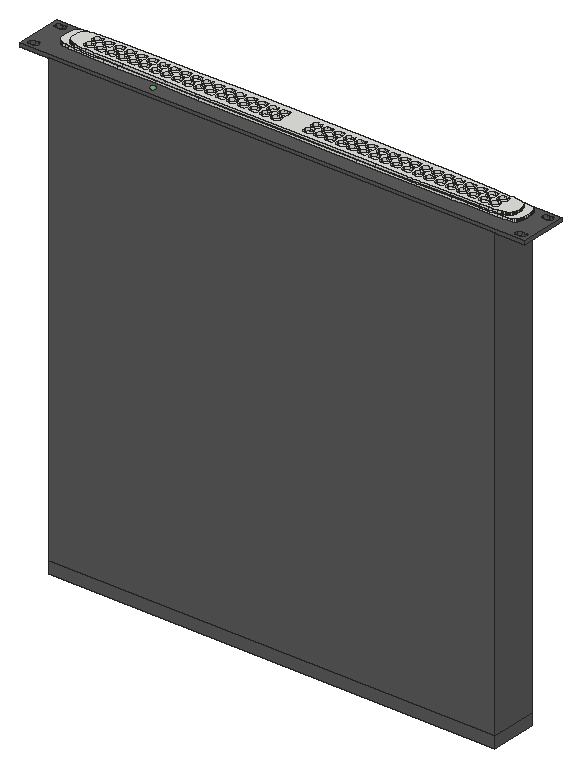
Revit family "Electronics_Messaging-Processors_Biamp_Vocia_Text-to-Speech-Engine_TTS-1__", category Communication Devices, host Face, Revit 2020
Family settings
  Host = Face
  Maintain Annotation Orientation = No
  Round Connector Dimension = Use Diameter
  Part Type = Normal
  OmniClass Number = 23.85.10.11.11
  OmniClass Title = Sound and Signal Devices
  Cut with Voids When Loaded = No
  Shared = No
  Room Calculation Point = No
Parameters (values of type "TTS-1e")
  Width = 19.00"  # constant formula
  Weight = 12.00 lbf  # constant formula
  Voltage = 120 V
  URL = "https://www.biamp.com/"
  Temperature Range = "32 - 113° F (0 – 45° C)"  # constant formula
  Product data url = "https://www.bimobject.com/biamp/product/vocia-tts-1e_messaging-processor"
  Product Page URL = "https://www.biamp.com/products/product-families/vocia/vocia-messaging-processors#vocia-tts-1e"
  Product Documentation Link = "https://downloads.biamp.com/assets/docs/default-source/data-sheets/biamp_data_sheet_vocia_tts-1e_may21.pdf"
  Power Factor = 1
  Number of Poles = 1
  Network Connection = "RJ-45 with shielded Ethernet (CAT5, CAT5e, CAT6, or CAT7)"  # constant formula
  Model = "Vocia TTS-1e"
  Max Power Consumption = 300 W
  Manufacturer = "Biamp"  # constant formula
  Humidity = "5-95% non-condensing"  # constant formula
  Housing Material = Biamp - Metal - Black
  Height = 1.75"  # constant formula
  Description = "Vocia® TTS-1e Text-to-Speech Engine"
  Depth = 17.50"  # constant formula
  Default Elevation = 48.00"
  Connector Description = "100-240VAC 50/60Hz"  # constant formula
  Compliance = "FCC Part 15 Class A (USA), CE marked (Europe), UL listed (USA and Canada), RoHS Directive (Europe)"  # constant formula
  Assembly Code = ""
  Apparent Load = Max Power Consumption / Power Factor  # 300 VA
  Altitude = "0-10,000 f (0-3000m) MSL"  # constant formula
Reference planes (in)
  plane 1 "Center (Front/Back)": y = 0
  plane 2: z = 0
  plane 3 "Center (Left/Right)": x = 0
  plane 4: x = 18.34522
  plane 5: y = 0.62461
  plane 6: y = -0.62494
Forms (in)
  Extrusion 1, solid, material "Biamp - Metal - Black" <- "Housing Material"
    sketch origin (9.17118, -0.875, -8.63189) x (1, 0, 0) y (0, 0, -1)
      loop
        line (-8.40333, 8.33661) -> (-8.40333, -8.63189) -> (8.38801, -8.63189) -> (8.38801, 8.33661) -> (-8.40333, 8.33661)
    from 0 to 1.75
  Extrusion 2, solid, material "Biamp - Metal - Black" <- "Housing Material"
    sketch origin (9.17118, -0.875, -8.63189) x (1, 0, 0) y (0, 1, 0)
      loop
        line (-9.5, 1.75) -> (-9.5, 0) -> (9.5, 0) -> (9.5, 1.75) -> (-9.5, 1.75)
      loop
        arc (-9.24055, 1.6309) -> (-9.32188, 1.60351) -> (-9.37008, 1.5325) r 0.13446
        line (-9.37008, 1.5325) -> (-9.37008, 1.46673)
        arc (-9.37008, 1.46673) -> (-9.32188, 1.39572) -> (-9.24055, 1.36833) r 0.13446
        line (-9.24055, 1.36833) -> (-9.10181, 1.36833)
        arc (-9.10181, 1.36833) -> (-9.01886, 1.39742) -> (-8.97227, 1.47196) r 0.13277
        line (-8.97227, 1.47196) -> (-8.97227, 1.52727)
        arc (-8.97227, 1.52727) -> (-9.01886, 1.60181) -> (-9.10181, 1.6309) r 0.13277
        line (-9.10181, 1.6309) -> (-9.24055, 1.6309)
      loop
        arc (-9.24055, 0.38134) -> (-9.32188, 0.35395) -> (-9.37008, 0.28294) r 0.13446
        line (-9.37008, 0.28294) -> (-9.37008, 0.21717)
        arc (-9.37008, 0.21717) -> (-9.32188, 0.14616) -> (-9.24055, 0.11877) r 0.13446
        line (-9.24055, 0.11877) -> (-9.10181, 0.11877)
        arc (-9.10181, 0.11877) -> (-9.01886, 0.14786) -> (-8.97227, 0.2224) r 0.13277
        line (-8.97227, 0.2224) -> (-8.97227, 0.27771)
        arc (-8.97227, 0.27771) -> (-9.01886, 0.35225) -> (-9.10181, 0.38134) r 0.13277
        line (-9.10181, 0.38134) -> (-9.24055, 0.38134)
      loop
        arc (9.10467, 1.6309) -> (9.02334, 1.60351) -> (8.97514, 1.5325) r 0.13446
        line (8.97514, 1.5325) -> (8.97514, 1.46673)
        arc (8.97514, 1.46673) -> (9.02334, 1.39572) -> (9.10467, 1.36833) r 0.13446
        line (9.10467, 1.36833) -> (9.24341, 1.36833)
        arc (9.24341, 1.36833) -> (9.32636, 1.39742) -> (9.37295, 1.47196) r 0.13277
        line (9.37295, 1.47196) -> (9.37295, 1.52727)
        arc (9.37295, 1.52727) -> (9.32636, 1.60181) -> (9.24341, 1.6309) r 0.13277
        line (9.24341, 1.6309) -> (9.10467, 1.6309)
      loop
        arc (9.10467, 0.38134) -> (9.02334, 0.35395) -> (8.97514, 0.28294) r 0.13446
        line (8.97514, 0.28294) -> (8.97514, 0.21717)
        arc (8.97514, 0.21717) -> (9.02334, 0.14616) -> (9.10467, 0.11877) r 0.13446
        line (9.10467, 0.11877) -> (9.24341, 0.11877)
        arc (9.24341, 0.11877) -> (9.32636, 0.14786) -> (9.37295, 0.2224) r 0.13277
        line (9.37295, 0.2224) -> (9.37295, 0.27771)
        arc (9.37295, 0.27771) -> (9.32636, 0.35225) -> (9.24341, 0.38134) r 0.13277
        line (9.24341, 0.38134) -> (9.10467, 0.38134)
    from 8.63189 to 8.75
  Extrusion 3, solid, material "Biamp - Metal - Silver", detail levels medium+fine
    sketch origin (9.17118, -0.875, -8.63189) x (1, 0, 0) y (0, 1, 0)
      loop
        line (-8.32517, 1.6716) -> (-8.42659, 1.65719) -> (-8.46282, 1.65)
        arc (-8.46282, 1.65) -> (-8.51245, 1.63391) -> (-8.55699, 1.60672) r 0.22266
        line (-8.55699, 1.60672) -> (-8.58454, 1.58077) -> (-8.60916, 1.5505) -> (-8.62943, 1.52022) -> (-8.64682, 1.48564) -> (-8.65986, 1.45102) -> (-8.67146, 1.41353) -> (-8.68017, 1.37605) -> (-8.6874, 1.33568) -> (-8.69465, 1.2535) -> (-8.69609, 1.17132) -> (-8.69465, 1.08769) -> (-8.6874, 1.00549) -> (-8.68017, 0.96657) -> (-8.67146, 0.92764) -> (-8.65986, 0.89015) -> (-8.64682, 0.85555) -> (-8.62943, 0.82096) -> (-8.60916, 0.79066) -> (-8.58454, 0.7604) -> (-8.55699, 0.73444)
        arc (-8.55699, 0.73444) -> (-8.51345, 0.7051) -> (-8.46282, 0.69119) r 0.16224
        line (-8.46282, 0.69119) -> (-8.42659, 0.68399) -> (-8.32517, 0.67101) -> (-8.17446, 0.65803) -> (-7.96292, 0.64648) -> (-7.68036, 0.63639) -> (-7.31522, 0.62775) -> (-6.85445, 0.62054) -> (-6.28647, 0.61479) -> (-4.88461, 0.60613) -> (-3.23239, 0.60036) -> (-0.00084, 0.60036) -> (2.72034, 0.60036) -> (4.78368, 0.60613) -> (6.28336, 0.61479) -> (6.85136, 0.62054) -> (7.31211, 0.62775) -> (7.67726, 0.63639) -> (7.95984, 0.64648) -> (8.17138, 0.65803) -> (8.32207, 0.67101) -> (8.42349, 0.68399) -> (8.45971, 0.69119)
        arc (8.45971, 0.69119) -> (8.51035, 0.70508) -> (8.55389, 0.73444) r 0.16206
        line (8.55389, 0.73444) -> (8.58143, 0.7604) -> (8.60606, 0.79066) -> (8.62635, 0.82096) -> (8.64374, 0.85555) -> (8.65678, 0.89015) -> (8.66837, 0.92764) -> (8.67705, 0.96657) -> (8.68432, 1.00549) -> (8.69151, 1.08769) -> (8.69297, 1.17132) -> (8.69151, 1.2535) -> (8.68432, 1.33568) -> (8.67705, 1.37605) -> (8.66837, 1.41353) -> (8.65678, 1.45102) -> (8.64374, 1.48564) -> (8.62635, 1.52022) -> (8.60606, 1.5505) -> (8.58143, 1.58077) -> (8.55389, 1.60672)
        arc (8.55389, 1.60672) -> (8.50935, 1.63391) -> (8.45971, 1.65) r 0.22277
        line (8.45971, 1.65) -> (8.42349, 1.65719) -> (8.32207, 1.6716) -> (8.17138, 1.68312) -> (7.95984, 1.69468) -> (7.67726, 1.70477) -> (7.31211, 1.71342) -> (6.85136, 1.72064) -> (6.28336, 1.7264) -> (4.78368, 1.73504) -> (2.72034, 1.74226) -> (-0.00084, 1.74226) -> (-2.82128, 1.74226) -> (-4.88461, 1.73504) -> (-6.3843, 1.7264) -> (-6.95228, 1.72064) -> (-7.41306, 1.71342) -> (-7.7782, 1.70477) -> (-7.96292, 1.69468) -> (-8.17446, 1.68312) -> (-8.32517, 1.6716)
    from 8.75 to 8.82874
  Extrusion 4, solid, material "Biamp - Metal - Silver", detail levels medium+fine
    sketch origin (9.17118, -0.875, -8.32128) x (1, 0, 0) y (0, 1, 0)
      loop
        line (-8.37477, 1.08769) -> (-8.36541, 1.03461) -> (-8.35774, 1.0014) -> (-8.34837, 0.97075) -> (-8.3336, 0.93017) -> (-8.31918, 0.89924) -> (-8.3023, 0.87202) -> (-8.28075, 0.84723) -> (-8.25666, 0.82702) -> (-8.22822, 0.80855) -> (-8.19232, 0.79181) -> (-8.15482, 0.77741) -> (-8.11776, 0.76678) -> (-8.07375, 0.75662) -> (-8.02802, 0.74773) -> (-7.91451, 0.73178) -> (-7.7246, 0.71516) -> (-7.58628, 0.70899) -> (-7.26661, 0.69863) -> (-6.17634, 0.6734) -> (-4.575, 0.65767) -> (-3.39395, 0.64607) -> (0, 0.64607) -> (3.39395, 0.64607) -> (4.575, 0.65767) -> (6.17634, 0.6734) -> (7.26661, 0.69863) -> (7.58628, 0.70899) -> (7.7246, 0.71516) -> (7.91451, 0.73178) -> (8.02802, 0.74773) -> (8.07375, 0.75662) -> (8.11776, 0.76678) -> (8.15482, 0.77741) -> (8.19232, 0.79181) -> (8.22822, 0.80855) -> (8.25666, 0.82702) -> (8.28075, 0.84723) -> (8.3023, 0.87202) -> (8.31918, 0.89924) -> (8.3336, 0.93017) -> (8.34837, 0.97075) -> (8.35774, 1.0014) -> (8.36541, 1.03461) -> (8.37477, 1.08769) -> (8.37621, 1.17132) -> (8.37621, 1.20434) -> (8.37142, 1.25866) -> (8.36419, 1.30432) -> (8.3573, 1.33845) -> (8.33983, 1.40854) -> (8.32782, 1.44086) -> (8.31075, 1.47043) -> (8.28941, 1.49666) -> (8.26308, 1.52146) -> (8.23282, 1.54187) -> (8.19518, 1.56105) -> (8.15208, 1.57846) -> (8.09238, 1.59558) -> (8.05641, 1.60272) -> (7.99322, 1.61333) -> (7.92028, 1.62228) -> (7.7892, 1.6321) -> (7.61374, 1.63724) -> (7.10391, 1.65182) -> (5.71472, 1.68237) -> (5.4482, 1.68644) -> (4.98689, 1.69175) -> (4.74694, 1.69418) -> (4.30342, 1.6963) -> (2.60067, 1.70444) -> (0, 1.70444) -> (-2.60067, 1.70444) -> (-4.30342, 1.6963) -> (-4.74694, 1.69418) -> (-4.98689, 1.69175) -> (-5.4482, 1.68644) -> (-5.71472, 1.68237) -> (-7.10391, 1.65182) -> (-7.61374, 1.63724) -> (-7.7892, 1.6321) -> (-7.92028, 1.62228) -> (-7.99322, 1.61333) -> (-8.05641, 1.60272) -> (-8.09238, 1.59558) -> (-8.15208, 1.57846) -> (-8.19518, 1.56105) -> (-8.23282, 1.54187) -> (-8.26308, 1.52146) -> (-8.28941, 1.49666) -> (-8.31075, 1.47043) -> (-8.32782, 1.44086) -> (-8.33983, 1.40854) -> (-8.3573, 1.33845) -> (-8.36419, 1.30432) -> (-8.37142, 1.25866) -> (-8.37621, 1.20434) -> (-8.37621, 1.17132) -> (-8.37477, 1.08769)
      loop
        line (-7.82143, 1.37615) -> (-7.82143, 1.32966)
        arc (-7.82143, 1.32966) -> (-7.78222, 1.23501) -> (-7.68757, 1.1958) r 0.13386
        line (-7.68757, 1.1958) -> (-7.59423, 1.1958)
        arc (-7.59423, 1.1958) -> (-7.49956, 1.23502) -> (-7.46034, 1.3297) r 0.1339
        line (-7.46034, 1.3297) -> (-7.46034, 1.37611)
        arc (-7.46034, 1.37611) -> (-7.49956, 1.47079) -> (-7.59423, 1.51001) r 0.1339
        line (-7.59423, 1.51001) -> (-7.68757, 1.51001)
        arc (-7.68757, 1.51001) -> (-7.78222, 1.4708) -> (-7.82143, 1.37615) r 0.13386
      loop
        line (-7.82143, 1.0006) -> (-7.82143, 0.95411)
        arc (-7.82143, 0.95411) -> (-7.78222, 0.85946) -> (-7.68757, 0.82025) r 0.13386
        line (-7.68757, 0.82025) -> (-7.59423, 0.82025)
        arc (-7.59423, 0.82025) -> (-7.49956, 0.85947) -> (-7.46034, 0.95415) r 0.1339
        line (-7.46034, 0.95415) -> (-7.46034, 1.00056)
        arc (-7.46034, 1.00056) -> (-7.49956, 1.09524) -> (-7.59423, 1.13446) r 0.1339
        line (-7.59423, 1.13446) -> (-7.68757, 1.13446)
        arc (-7.68757, 1.13446) -> (-7.78222, 1.09525) -> (-7.82143, 1.0006) r 0.13386
      loop
        line (0.42289, 1.37615) -> (0.42289, 1.32966)
        arc (0.42289, 1.32966) -> (0.46209, 1.23501) -> (0.55675, 1.1958) r 0.13386
        line (0.55675, 1.1958) -> (0.65008, 1.1958)
        arc (0.65008, 1.1958) -> (0.74476, 1.23502) -> (0.78398, 1.3297) r 0.1339
        line (0.78398, 1.3297) -> (0.78398, 1.37611)
        arc (0.78398, 1.37611) -> (0.74476, 1.47079) -> (0.65008, 1.51001) r 0.1339
        line (0.65008, 1.51001) -> (0.55675, 1.51001)
        arc (0.55675, 1.51001) -> (0.46209, 1.4708) -> (0.42289, 1.37615) r 0.13386
      loop
        line (0.42289, 1.0006) -> (0.42289, 0.95411)
        arc (0.42289, 0.95411) -> (0.46209, 0.85946) -> (0.55675, 0.82025) r 0.13386
        line (0.55675, 0.82025) -> (0.65008, 0.82025)
        arc (0.65008, 0.82025) -> (0.74476, 0.85947) -> (0.78398, 0.95415) r 0.1339
        line (0.78398, 0.95415) -> (0.78398, 1.00056)
        arc (0.78398, 1.00056) -> (0.74476, 1.09524) -> (0.65008, 1.13446) r 0.1339
        line (0.65008, 1.13446) -> (0.55675, 1.13446)
        arc (0.55675, 1.13446) -> (0.46209, 1.09525) -> (0.42289, 1.0006) r 0.13386
      loop
        line (-7.41441, 1.37615) -> (-7.41441, 1.32966)
        arc (-7.41441, 1.32966) -> (-7.37521, 1.23501) -> (-7.28055, 1.1958) r 0.13386
        line (-7.28055, 1.1958) -> (-7.18722, 1.1958)
        arc (-7.18722, 1.1958) -> (-7.09254, 1.23502) -> (-7.05332, 1.3297) r 0.1339
        line (-7.05332, 1.3297) -> (-7.05332, 1.37611)
        arc (-7.05332, 1.37611) -> (-7.09254, 1.47079) -> (-7.18722, 1.51001) r 0.1339
        line (-7.18722, 1.51001) -> (-7.28055, 1.51001)
        arc (-7.28055, 1.51001) -> (-7.37521, 1.4708) -> (-7.41441, 1.37615) r 0.13386
      loop
        line (-7.40518, 1.0006) -> (-7.40518, 0.95411)
        arc (-7.40518, 0.95411) -> (-7.36598, 0.85946) -> (-7.27133, 0.82025) r 0.13386
        line (-7.27133, 0.82025) -> (-7.17799, 0.82025)
        arc (-7.17799, 0.82025) -> (-7.08331, 0.85947) -> (-7.0441, 0.95415) r 0.1339
        line (-7.0441, 0.95415) -> (-7.0441, 1.00056)
        arc (-7.0441, 1.00056) -> (-7.08331, 1.09524) -> (-7.17799, 1.13446) r 0.1339
        line (-7.17799, 1.13446) -> (-7.27133, 1.13446)
        arc (-7.27133, 1.13446) -> (-7.36598, 1.09525) -> (-7.40518, 1.0006) r 0.13386
      loop
        line (-7.00117, 1.37615) -> (-7.00117, 1.32966)
        arc (-7.00117, 1.32966) -> (-6.96197, 1.23501) -> (-6.86731, 1.1958) r 0.13386
        line (-6.86731, 1.1958) -> (-6.77398, 1.1958)
        arc (-6.77398, 1.1958) -> (-6.6793, 1.23502) -> (-6.64008, 1.3297) r 0.1339
        line (-6.64008, 1.3297) -> (-6.64008, 1.37611)
        arc (-6.64008, 1.37611) -> (-6.6793, 1.47079) -> (-6.77398, 1.51001) r 0.1339
        line (-6.77398, 1.51001) -> (-6.86731, 1.51001)
        arc (-6.86731, 1.51001) -> (-6.96197, 1.4708) -> (-7.00117, 1.37615) r 0.13386
      loop
        line (-6.99195, 1.0006) -> (-6.99195, 0.95411)
        arc (-6.99195, 0.95411) -> (-6.95274, 0.85946) -> (-6.85809, 0.82025) r 0.13386
        line (-6.85809, 0.82025) -> (-6.76475, 0.82025)
        arc (-6.76475, 0.82025) -> (-6.67007, 0.85947) -> (-6.63086, 0.95415) r 0.1339
        line (-6.63086, 0.95415) -> (-6.63086, 1.00056)
        arc (-6.63086, 1.00056) -> (-6.67007, 1.09524) -> (-6.76475, 1.13446) r 0.1339
        line (-6.76475, 1.13446) -> (-6.85809, 1.13446)
        arc (-6.85809, 1.13446) -> (-6.95274, 1.09525) -> (-6.99195, 1.0006) r 0.13386
      loop
        line (-6.58481, 1.37615) -> (-6.58481, 1.32966)
        arc (-6.58481, 1.32966) -> (-6.5456, 1.23501) -> (-6.45095, 1.1958) r 0.13386
        line (-6.45095, 1.1958) -> (-6.35762, 1.1958)
        arc (-6.35762, 1.1958) -> (-6.26294, 1.23502) -> (-6.22372, 1.3297) r 0.1339
        line (-6.22372, 1.3297) -> (-6.22372, 1.37611)
        arc (-6.22372, 1.37611) -> (-6.26294, 1.47079) -> (-6.35762, 1.51001) r 0.1339
        line (-6.35762, 1.51001) -> (-6.45095, 1.51001)
        arc (-6.45095, 1.51001) -> (-6.5456, 1.4708) -> (-6.58481, 1.37615) r 0.13386
      loop
        line (-6.57558, 1.0006) -> (-6.57558, 0.95411)
        arc (-6.57558, 0.95411) -> (-6.53638, 0.85946) -> (-6.44172, 0.82025) r 0.13386
        line (-6.44172, 0.82025) -> (-6.34839, 0.82025)
        arc (-6.34839, 0.82025) -> (-6.25371, 0.85947) -> (-6.21449, 0.95415) r 0.1339
        line (-6.21449, 0.95415) -> (-6.21449, 1.00056)
        arc (-6.21449, 1.00056) -> (-6.25371, 1.09524) -> (-6.34839, 1.13446) r 0.1339
        line (-6.34839, 1.13446) -> (-6.44172, 1.13446)
        arc (-6.44172, 1.13446) -> (-6.53638, 1.09525) -> (-6.57558, 1.0006) r 0.13386
      loop
        line (-6.17217, 1.37615) -> (-6.17217, 1.32966)
        arc (-6.17217, 1.32966) -> (-6.13296, 1.23501) -> (-6.03831, 1.1958) r 0.13386
        line (-6.03831, 1.1958) -> (-5.94498, 1.1958)
        arc (-5.94498, 1.1958) -> (-5.8503, 1.23502) -> (-5.81108, 1.3297) r 0.1339
        line (-5.81108, 1.3297) -> (-5.81108, 1.37611)
        arc (-5.81108, 1.37611) -> (-5.8503, 1.47079) -> (-5.94498, 1.51001) r 0.1339
        line (-5.94498, 1.51001) -> (-6.03831, 1.51001)
        arc (-6.03831, 1.51001) -> (-6.13296, 1.4708) -> (-6.17217, 1.37615) r 0.13386
      loop
        line (-6.16294, 1.0006) -> (-6.16294, 0.95411)
        arc (-6.16294, 0.95411) -> (-6.12374, 0.85946) -> (-6.02908, 0.82025) r 0.13386
        line (-6.02908, 0.82025) -> (-5.93575, 0.82025)
        arc (-5.93575, 0.82025) -> (-5.84107, 0.85947) -> (-5.80185, 0.95415) r 0.1339
        line (-5.80185, 0.95415) -> (-5.80185, 1.00056)
        arc (-5.80185, 1.00056) -> (-5.84107, 1.09524) -> (-5.93575, 1.13446) r 0.1339
        line (-5.93575, 1.13446) -> (-6.02908, 1.13446)
        arc (-6.02908, 1.13446) -> (-6.12374, 1.09525) -> (-6.16294, 1.0006) r 0.13386
      loop
        line (-5.75929, 1.37615) -> (-5.75929, 1.32966)
        arc (-5.75929, 1.32966) -> (-5.72008, 1.23501) -> (-5.62543, 1.1958) r 0.13386
        line (-5.62543, 1.1958) -> (-5.53209, 1.1958)
        arc (-5.53209, 1.1958) -> (-5.43741, 1.23502) -> (-5.3982, 1.3297) r 0.1339
        line (-5.3982, 1.3297) -> (-5.3982, 1.37611)
        arc (-5.3982, 1.37611) -> (-5.43741, 1.47079) -> (-5.53209, 1.51001) r 0.1339
        line (-5.53209, 1.51001) -> (-5.62543, 1.51001)
        arc (-5.62543, 1.51001) -> (-5.72008, 1.4708) -> (-5.75929, 1.37615) r 0.13386
      loop
        line (-5.75313, 1.0006) -> (-5.75313, 0.95411)
        arc (-5.75313, 0.95411) -> (-5.71393, 0.85946) -> (-5.61928, 0.82025) r 0.13386
        line (-5.61928, 0.82025) -> (-5.52594, 0.82025)
        arc (-5.52594, 0.82025) -> (-5.43126, 0.85947) -> (-5.39204, 0.95415) r 0.1339
        line (-5.39204, 0.95415) -> (-5.39204, 1.00056)
        arc (-5.39204, 1.00056) -> (-5.43126, 1.09524) -> (-5.52594, 1.13446) r 0.1339
        line (-5.52594, 1.13446) -> (-5.61928, 1.13446)
        arc (-5.61928, 1.13446) -> (-5.71393, 1.09525) -> (-5.75313, 1.0006) r 0.13386
      loop
        line (-5.34622, 1.37615) -> (-5.34622, 1.32966)
        arc (-5.34622, 1.32966) -> (-5.30702, 1.23501) -> (-5.21236, 1.1958) r 0.13386
        line (-5.21236, 1.1958) -> (-5.11903, 1.1958)
        arc (-5.11903, 1.1958) -> (-5.02435, 1.23502) -> (-4.98513, 1.3297) r 0.1339
        line (-4.98513, 1.3297) -> (-4.98513, 1.37611)
        arc (-4.98513, 1.37611) -> (-5.02435, 1.47079) -> (-5.11903, 1.51001) r 0.1339
        line (-5.11903, 1.51001) -> (-5.21236, 1.51001)
        arc (-5.21236, 1.51001) -> (-5.30702, 1.4708) -> (-5.34622, 1.37615) r 0.13386
      loop
        line (-5.34007, 1.0006) -> (-5.34007, 0.95411)
        arc (-5.34007, 0.95411) -> (-5.30086, 0.85946) -> (-5.20621, 0.82025) r 0.13386
        line (-5.20621, 0.82025) -> (-5.11288, 0.82025)
        arc (-5.11288, 0.82025) -> (-5.0182, 0.85947) -> (-4.97898, 0.95415) r 0.1339
        line (-4.97898, 0.95415) -> (-4.97898, 1.00056)
        arc (-4.97898, 1.00056) -> (-5.0182, 1.09524) -> (-5.11288, 1.13446) r 0.1339
        line (-5.11288, 1.13446) -> (-5.20621, 1.13446)
        arc (-5.20621, 1.13446) -> (-5.30086, 1.09525) -> (-5.34007, 1.0006) r 0.13386
      loop
        line (-4.93026, 1.37615) -> (-4.93026, 1.32966)
        arc (-4.93026, 1.32966) -> (-4.89105, 1.23501) -> (-4.7964, 1.1958) r 0.13386
        line (-4.7964, 1.1958) -> (-4.70307, 1.1958)
        arc (-4.70307, 1.1958) -> (-4.60839, 1.23502) -> (-4.56917, 1.3297) r 0.1339
        line (-4.56917, 1.3297) -> (-4.56917, 1.37611)
        arc (-4.56917, 1.37611) -> (-4.60839, 1.47079) -> (-4.70307, 1.51001) r 0.1339
        line (-4.70307, 1.51001) -> (-4.7964, 1.51001)
        arc (-4.7964, 1.51001) -> (-4.89105, 1.4708) -> (-4.93026, 1.37615) r 0.13386
      loop
        line (-4.92411, 1.0006) -> (-4.92411, 0.95411)
        arc (-4.92411, 0.95411) -> (-4.8849, 0.85946) -> (-4.79025, 0.82025) r 0.13386
        line (-4.79025, 0.82025) -> (-4.69692, 0.82025)
        arc (-4.69692, 0.82025) -> (-4.60224, 0.85947) -> (-4.56302, 0.95415) r 0.1339
        line (-4.56302, 0.95415) -> (-4.56302, 1.00056)
        arc (-4.56302, 1.00056) -> (-4.60224, 1.09524) -> (-4.69692, 1.13446) r 0.1339
        line (-4.69692, 1.13446) -> (-4.79025, 1.13446)
        arc (-4.79025, 1.13446) -> (-4.8849, 1.09525) -> (-4.92411, 1.0006) r 0.13386
      loop
        line (-4.51767, 1.37615) -> (-4.51767, 1.32966)
        arc (-4.51767, 1.32966) -> (-4.47846, 1.23501) -> (-4.38381, 1.1958) r 0.13386
        line (-4.38381, 1.1958) -> (-4.29048, 1.1958)
        arc (-4.29048, 1.1958) -> (-4.1958, 1.23502) -> (-4.15658, 1.3297) r 0.1339
        line (-4.15658, 1.3297) -> (-4.15658, 1.37611)
        arc (-4.15658, 1.37611) -> (-4.1958, 1.47079) -> (-4.29048, 1.51001) r 0.1339
        line (-4.29048, 1.51001) -> (-4.38381, 1.51001)
        arc (-4.38381, 1.51001) -> (-4.47846, 1.4708) -> (-4.51767, 1.37615) r 0.13386
      loop
        line (-4.51152, 1.0006) -> (-4.51152, 0.95411)
        arc (-4.51152, 0.95411) -> (-4.47231, 0.85946) -> (-4.37766, 0.82025) r 0.13386
        line (-4.37766, 0.82025) -> (-4.28433, 0.82025)
        arc (-4.28433, 0.82025) -> (-4.18965, 0.85947) -> (-4.15043, 0.95415) r 0.1339
        line (-4.15043, 0.95415) -> (-4.15043, 1.00056)
        arc (-4.15043, 1.00056) -> (-4.18965, 1.09524) -> (-4.28433, 1.13446) r 0.1339
        line (-4.28433, 1.13446) -> (-4.37766, 1.13446)
        arc (-4.37766, 1.13446) -> (-4.47231, 1.09525) -> (-4.51152, 1.0006) r 0.13386
      loop
        line (-4.10774, 1.37615) -> (-4.10774, 1.32966)
        arc (-4.10774, 1.32966) -> (-4.06854, 1.23501) -> (-3.97389, 1.1958) r 0.13386
        line (-3.97389, 1.1958) -> (-3.88055, 1.1958)
        arc (-3.88055, 1.1958) -> (-3.78587, 1.23502) -> (-3.74665, 1.3297) r 0.1339
        line (-3.74665, 1.3297) -> (-3.74665, 1.37611)
        arc (-3.74665, 1.37611) -> (-3.78587, 1.47079) -> (-3.88055, 1.51001) r 0.1339
        line (-3.88055, 1.51001) -> (-3.97389, 1.51001)
        arc (-3.97389, 1.51001) -> (-4.06854, 1.4708) -> (-4.10774, 1.37615) r 0.13386
      loop
        line (-4.10159, 1.0006) -> (-4.10159, 0.95411)
        arc (-4.10159, 0.95411) -> (-4.06239, 0.85946) -> (-3.96773, 0.82025) r 0.13386
        line (-3.96773, 0.82025) -> (-3.8744, 0.82025)
        arc (-3.8744, 0.82025) -> (-3.77972, 0.85947) -> (-3.7405, 0.95415) r 0.1339
        line (-3.7405, 0.95415) -> (-3.7405, 1.00056)
        arc (-3.7405, 1.00056) -> (-3.77972, 1.09524) -> (-3.8744, 1.13446) r 0.1339
        line (-3.8744, 1.13446) -> (-3.96773, 1.13446)
        arc (-3.96773, 1.13446) -> (-4.06239, 1.09525) -> (-4.10159, 1.0006) r 0.13386
      loop
        line (-3.69493, 1.37615) -> (-3.69493, 1.32966)
        arc (-3.69493, 1.32966) -> (-3.65573, 1.23501) -> (-3.56108, 1.1958) r 0.13386
        line (-3.56108, 1.1958) -> (-3.46774, 1.1958)
        arc (-3.46774, 1.1958) -> (-3.37306, 1.23502) -> (-3.33385, 1.3297) r 0.1339
        line (-3.33385, 1.3297) -> (-3.33385, 1.37611)
        arc (-3.33385, 1.37611) -> (-3.37306, 1.47079) -> (-3.46774, 1.51001) r 0.1339
        line (-3.46774, 1.51001) -> (-3.56108, 1.51001)
        arc (-3.56108, 1.51001) -> (-3.65573, 1.4708) -> (-3.69493, 1.37615) r 0.13386
      loop
        line (-3.68878, 1.0006) -> (-3.68878, 0.95411)
        arc (-3.68878, 0.95411) -> (-3.64958, 0.85946) -> (-3.55492, 0.82025) r 0.13386
        line (-3.55492, 0.82025) -> (-3.46159, 0.82025)
        arc (-3.46159, 0.82025) -> (-3.36691, 0.85947) -> (-3.32769, 0.95415) r 0.1339
        line (-3.32769, 0.95415) -> (-3.32769, 1.00056)
        arc (-3.32769, 1.00056) -> (-3.36691, 1.09524) -> (-3.46159, 1.13446) r 0.1339
        line (-3.46159, 1.13446) -> (-3.55492, 1.13446)
        arc (-3.55492, 1.13446) -> (-3.64958, 1.09525) -> (-3.68878, 1.0006) r 0.13386
      loop
        line (-3.27888, 1.37615) -> (-3.27888, 1.32966)
        arc (-3.27888, 1.32966) -> (-3.23968, 1.23501) -> (-3.14503, 1.1958) r 0.13386
        line (-3.14503, 1.1958) -> (-3.05169, 1.1958)
        arc (-3.05169, 1.1958) -> (-2.95701, 1.23502) -> (-2.9178, 1.3297) r 0.1339
        line (-2.9178, 1.3297) -> (-2.9178, 1.37611)
        arc (-2.9178, 1.37611) -> (-2.95701, 1.47079) -> (-3.05169, 1.51001) r 0.1339
        line (-3.05169, 1.51001) -> (-3.14503, 1.51001)
        arc (-3.14503, 1.51001) -> (-3.23968, 1.4708) -> (-3.27888, 1.37615) r 0.13386
      loop
        line (-3.27273, 1.0006) -> (-3.27273, 0.95411)
        arc (-3.27273, 0.95411) -> (-3.23353, 0.85946) -> (-3.13887, 0.82025) r 0.13386
        line (-3.13887, 0.82025) -> (-3.04554, 0.82025)
        arc (-3.04554, 0.82025) -> (-2.95086, 0.85947) -> (-2.91164, 0.95415) r 0.1339
        line (-2.91164, 0.95415) -> (-2.91164, 1.00056)
        arc (-2.91164, 1.00056) -> (-2.95086, 1.09524) -> (-3.04554, 1.13446) r 0.1339
        line (-3.04554, 1.13446) -> (-3.13887, 1.13446)
        arc (-3.13887, 1.13446) -> (-3.23353, 1.09525) -> (-3.27273, 1.0006) r 0.13386
      loop
        line (-2.86575, 1.37615) -> (-2.86575, 1.32966)
        arc (-2.86575, 1.32966) -> (-2.82654, 1.23501) -> (-2.73189, 1.1958) r 0.13386
        line (-2.73189, 1.1958) -> (-2.63855, 1.1958)
        arc (-2.63855, 1.1958) -> (-2.54388, 1.23502) -> (-2.50466, 1.3297) r 0.1339
        line (-2.50466, 1.3297) -> (-2.50466, 1.37611)
        arc (-2.50466, 1.37611) -> (-2.54388, 1.47079) -> (-2.63855, 1.51001) r 0.1339
        line (-2.63855, 1.51001) -> (-2.73189, 1.51001)
        arc (-2.73189, 1.51001) -> (-2.82654, 1.4708) -> (-2.86575, 1.37615) r 0.13386
      loop
        line (-2.8596, 1.0006) -> (-2.8596, 0.95411)
        arc (-2.8596, 0.95411) -> (-2.82039, 0.85946) -> (-2.72574, 0.82025) r 0.13386
        line (-2.72574, 0.82025) -> (-2.6324, 0.82025)
        arc (-2.6324, 0.82025) -> (-2.53772, 0.85947) -> (-2.49851, 0.95415) r 0.1339
        line (-2.49851, 0.95415) -> (-2.49851, 1.00056)
        arc (-2.49851, 1.00056) -> (-2.53772, 1.09524) -> (-2.6324, 1.13446) r 0.1339
        line (-2.6324, 1.13446) -> (-2.72574, 1.13446)
        arc (-2.72574, 1.13446) -> (-2.82039, 1.09525) -> (-2.8596, 1.0006) r 0.13386
      loop
        line (-2.45662, 1.37615) -> (-2.45662, 1.32966)
        arc (-2.45662, 1.32966) -> (-2.41742, 1.23501) -> (-2.32277, 1.1958) r 0.13386
        line (-2.32277, 1.1958) -> (-2.22943, 1.1958)
        arc (-2.22943, 1.1958) -> (-2.13475, 1.23502) -> (-2.09554, 1.3297) r 0.1339
        line (-2.09554, 1.3297) -> (-2.09554, 1.37611)
        arc (-2.09554, 1.37611) -> (-2.13475, 1.47079) -> (-2.22943, 1.51001) r 0.1339
        line (-2.22943, 1.51001) -> (-2.32277, 1.51001)
        arc (-2.32277, 1.51001) -> (-2.41742, 1.4708) -> (-2.45662, 1.37615) r 0.13386
      loop
        line (-2.44741, 1.00015) -> (-2.44741, 0.95459)
        arc (-2.44741, 0.95459) -> (-2.40806, 0.8596) -> (-2.31307, 0.82025) r 0.13434
        line (-2.31307, 0.82025) -> (-2.22054, 0.82025)
        arc (-2.22054, 0.82025) -> (-2.12563, 0.85957) -> (-2.08631, 0.95449) r 0.13424
        line (-2.08631, 0.95449) -> (-2.08631, 1.00136)
        arc (-2.08631, 1.00136) -> (-2.12529, 1.09548) -> (-2.2194, 1.13446) r 0.1331
        line (-2.2194, 1.13446) -> (-2.3131, 1.13446)
        arc (-2.3131, 1.13446) -> (-2.40807, 1.09512) -> (-2.44741, 1.00015) r 0.13431
      loop
        arc (-1.90991, 1.51001) -> (-2.00456, 1.4708) -> (-2.04376, 1.37615) r 0.13386
        line (-2.04376, 1.37615) -> (-2.04376, 1.32966)
        arc (-2.04376, 1.32966) -> (-2.00456, 1.23501) -> (-1.90991, 1.1958) r 0.13386
        line (-1.90991, 1.1958) -> (-1.81647, 1.1958)
        arc (-1.81647, 1.1958) -> (-1.72182, 1.23501) -> (-1.68261, 1.32966) r 0.13386
        line (-1.68261, 1.32966) -> (-1.68261, 1.37615)
        arc (-1.68261, 1.37615) -> (-1.72182, 1.4708) -> (-1.81647, 1.51001) r 0.13386
        line (-1.81647, 1.51001) -> (-1.90991, 1.51001)
      loop
        arc (-1.89875, 1.1347) -> (-1.99477, 1.09493) -> (-2.03454, 0.99892) r 0.13578
        line (-2.03454, 0.99892) -> (-2.03454, 0.95565)
        arc (-2.03454, 0.95565) -> (-1.99518, 0.86063) -> (-1.90016, 0.82127) r 0.13438
        line (-1.90016, 0.82127) -> (-1.807, 0.82127)
        arc (-1.807, 0.82127) -> (-1.71277, 0.8603) -> (-1.67374, 0.95453) r 0.13326
        line (-1.67374, 0.95453) -> (-1.67374, 1.0014)
        arc (-1.67374, 1.0014) -> (-1.71278, 1.09566) -> (-1.80704, 1.1347) r 0.1333
        line (-1.80704, 1.1347) -> (-1.89875, 1.1347)
      loop
        arc (-1.48454, 1.13446) -> (-1.5792, 1.09525) -> (-1.6184, 1.0006) r 0.13386
        line (-1.6184, 1.0006) -> (-1.6184, 0.95513)
        arc (-1.6184, 0.95513) -> (-1.5792, 0.86048) -> (-1.48454, 0.82127) r 0.13386
        line (-1.48454, 0.82127) -> (-1.39186, 0.82127)
        arc (-1.39186, 0.82127) -> (-1.29665, 0.86071) -> (-1.25722, 0.95591) r 0.13464
        line (-1.25722, 0.95591) -> (-1.25722, 1.0006)
        arc (-1.25722, 1.0006) -> (-1.29643, 1.09525) -> (-1.39108, 1.13446) r 0.13386
        line (-1.39108, 1.13446) -> (-1.48454, 1.13446)
      loop
        arc (-1.49454, 1.51001) -> (-1.58919, 1.4708) -> (-1.6284, 1.37615) r 0.13386
        line (-1.6284, 1.37615) -> (-1.6284, 1.32966)
        arc (-1.6284, 1.32966) -> (-1.58919, 1.23501) -> (-1.49454, 1.1958) r 0.13386
        line (-1.49454, 1.1958) -> (-1.4004, 1.1958)
        arc (-1.4004, 1.1958) -> (-1.30575, 1.23501) -> (-1.26655, 1.32966) r 0.13386
        line (-1.26655, 1.32966) -> (-1.26655, 1.37615)
        arc (-1.26655, 1.37615) -> (-1.30575, 1.4708) -> (-1.4004, 1.51001) r 0.13386
        line (-1.4004, 1.51001) -> (-1.49454, 1.51001)
      loop
        arc (-1.08188, 1.51001) -> (-1.17653, 1.4708) -> (-1.21573, 1.37615) r 0.13386
        line (-1.21573, 1.37615) -> (-1.21573, 1.32966)
        arc (-1.21573, 1.32966) -> (-1.17653, 1.23501) -> (-1.08188, 1.1958) r 0.13386
        line (-1.08188, 1.1958) -> (-0.98735, 1.1958)
        arc (-0.98735, 1.1958) -> (-0.89316, 1.23482) -> (-0.85414, 1.32901) r 0.13321
        line (-0.85414, 1.32901) -> (-0.85414, 1.37615)
        arc (-0.85414, 1.37615) -> (-0.89335, 1.4708) -> (-0.988, 1.51001) r 0.13386
        line (-0.988, 1.51001) -> (-1.08188, 1.51001)
      loop
        arc (-1.07188, 1.13533) -> (-1.16653, 1.09613) -> (-1.20574, 1.00147) r 0.13386
        line (-1.20574, 1.00147) -> (-1.20574, 0.95513)
        arc (-1.20574, 0.95513) -> (-1.16653, 0.86048) -> (-1.07188, 0.82127) r 0.13386
        line (-1.07188, 0.82127) -> (-0.978, 0.82127)
        arc (-0.978, 0.82127) -> (-0.88335, 0.86048) -> (-0.84414, 0.95513) r 0.13386
        line (-0.84414, 0.95513) -> (-0.84414, 1.00147)
        arc (-0.84414, 1.00147) -> (-0.88335, 1.09613) -> (-0.978, 1.13533) r 0.13386
        line (-0.978, 1.13533) -> (-1.07188, 1.13533)
      loop
        arc (-0.66496, 1.51001) -> (-0.75961, 1.4708) -> (-0.79881, 1.37615) r 0.13386
        line (-0.79881, 1.37615) -> (-0.79881, 1.32966)
        arc (-0.79881, 1.32966) -> (-0.75961, 1.23501) -> (-0.66496, 1.1958) r 0.13386
        line (-0.66496, 1.1958) -> (-0.57161, 1.1958)
        arc (-0.57161, 1.1958) -> (-0.47696, 1.23501) -> (-0.43775, 1.32966) r 0.13386
        line (-0.43775, 1.32966) -> (-0.43775, 1.37615)
        arc (-0.43775, 1.37615) -> (-0.47696, 1.4708) -> (-0.57161, 1.51001) r 0.13386
        line (-0.57161, 1.51001) -> (-0.66496, 1.51001)
      loop
        arc (-0.66496, 1.13533) -> (-0.75961, 1.09613) -> (-0.79881, 1.00147) r 0.13386
        line (-0.79881, 1.00147) -> (-0.79881, 0.95513)
        arc (-0.79881, 0.95513) -> (-0.75961, 0.86048) -> (-0.66496, 0.82127) r 0.13386
        line (-0.66496, 0.82127) -> (-0.57183, 0.82127)
        arc (-0.57183, 0.82127) -> (-0.47718, 0.86048) -> (-0.43797, 0.95513) r 0.13386
        line (-0.43797, 0.95513) -> (-0.43797, 1.00147)
        arc (-0.43797, 1.00147) -> (-0.47718, 1.09613) -> (-0.57183, 1.13533) r 0.13386
        line (-0.57183, 1.13533) -> (-0.66496, 1.13533)
      loop
        arc (0.96233, 1.51001) -> (0.86768, 1.4708) -> (0.82847, 1.37615) r 0.13386
        line (0.82847, 1.37615) -> (0.82847, 1.32966)
        arc (0.82847, 1.32966) -> (0.86768, 1.23501) -> (0.96233, 1.1958) r 0.13386
        line (0.96233, 1.1958) -> (1.05602, 1.1958)
        arc (1.05602, 1.1958) -> (1.15067, 1.23501) -> (1.18988, 1.32966) r 0.13386
        line (1.18988, 1.32966) -> (1.18988, 1.37615)
        arc (1.18988, 1.37615) -> (1.15067, 1.4708) -> (1.05602, 1.51001) r 0.13386
        line (1.05602, 1.51001) -> (0.96233, 1.51001)
      loop
        arc (1.37543, 1.51001) -> (1.28077, 1.4708) -> (1.24157, 1.37615) r 0.13386
        line (1.24157, 1.37615) -> (1.24157, 1.32966)
        arc (1.24157, 1.32966) -> (1.28077, 1.23501) -> (1.37543, 1.1958) r 0.13386
        line (1.37543, 1.1958) -> (1.46899, 1.1958)
        arc (1.46899, 1.1958) -> (1.56365, 1.23501) -> (1.60285, 1.32966) r 0.13386
        line (1.60285, 1.32966) -> (1.60285, 1.37615)
        arc (1.60285, 1.37615) -> (1.56365, 1.4708) -> (1.46899, 1.51001) r 0.13386
        line (1.46899, 1.51001) -> (1.37543, 1.51001)
      loop
        arc (1.79235, 1.51001) -> (1.6977, 1.4708) -> (1.65849, 1.37615) r 0.13386
        line (1.65849, 1.37615) -> (1.65849, 1.32966)
        arc (1.65849, 1.32966) -> (1.6977, 1.23501) -> (1.79235, 1.1958) r 0.13386
        line (1.79235, 1.1958) -> (1.88465, 1.1958)
        arc (1.88465, 1.1958) -> (1.9793, 1.23501) -> (2.0185, 1.32966) r 0.13386
        line (2.0185, 1.32966) -> (2.0185, 1.37615)
        arc (2.0185, 1.37615) -> (1.9793, 1.4708) -> (1.88465, 1.51001) r 0.13386
        line (1.88465, 1.51001) -> (1.79235, 1.51001)
      loop
        arc (2.20518, 1.51001) -> (2.11053, 1.4708) -> (2.07132, 1.37615) r 0.13386
        line (2.07132, 1.37615) -> (2.07132, 1.32966)
        arc (2.07132, 1.32966) -> (2.11053, 1.23501) -> (2.20518, 1.1958) r 0.13386
        line (2.20518, 1.1958) -> (2.29598, 1.1958)
        arc (2.29598, 1.1958) -> (2.39151, 1.23537) -> (2.43108, 1.3309) r 0.1351
        line (2.43108, 1.3309) -> (2.43108, 1.37615)
        arc (2.43108, 1.37615) -> (2.39187, 1.4708) -> (2.29722, 1.51001) r 0.13386
        line (2.29722, 1.51001) -> (2.20518, 1.51001)
      loop
        arc (0.97156, 1.13446) -> (0.87691, 1.09525) -> (0.8377, 1.0006) r 0.13386
        line (0.8377, 1.0006) -> (0.8377, 0.95411)
        arc (0.8377, 0.95411) -> (0.87691, 0.85946) -> (0.97156, 0.82025) r 0.13386
        line (0.97156, 0.82025) -> (1.06525, 0.82025)
        arc (1.06525, 0.82025) -> (1.1599, 0.85946) -> (1.19911, 0.95411) r 0.13386
        line (1.19911, 0.95411) -> (1.19911, 1.0006)
        arc (1.19911, 1.0006) -> (1.1599, 1.09525) -> (1.06525, 1.13446) r 0.13386
        line (1.06525, 1.13446) -> (0.97156, 1.13446)
      loop
        arc (1.38465, 1.13446) -> (1.29, 1.09525) -> (1.2508, 1.0006) r 0.13386
        line (1.2508, 1.0006) -> (1.2508, 0.95411)
        arc (1.2508, 0.95411) -> (1.29, 0.85946) -> (1.38465, 0.82025) r 0.13386
        line (1.38465, 0.82025) -> (1.47745, 0.82025)
        arc (1.47745, 0.82025) -> (1.5721, 0.85946) -> (1.61131, 0.95411) r 0.13386
        line (1.61131, 0.95411) -> (1.61131, 1.00175)
        arc (1.61131, 1.00175) -> (1.57244, 1.09559) -> (1.4786, 1.13446) r 0.13271
        line (1.4786, 1.13446) -> (1.38465, 1.13446)
      loop
        arc (1.80157, 1.13446) -> (1.70692, 1.09525) -> (1.66772, 1.0006) r 0.13386
        line (1.66772, 1.0006) -> (1.66772, 0.95411)
        arc (1.66772, 0.95411) -> (1.70692, 0.85946) -> (1.80157, 0.82025) r 0.13386
        line (1.80157, 0.82025) -> (1.89426, 0.82025)
        arc (1.89426, 0.82025) -> (1.98891, 0.85946) -> (2.02812, 0.95411) r 0.13386
        line (2.02812, 0.95411) -> (2.02812, 1.0006)
        arc (2.02812, 1.0006) -> (1.98891, 1.09525) -> (1.89426, 1.13446) r 0.13386
        line (1.89426, 1.13446) -> (1.80157, 1.13446)
      loop
        arc (2.21364, 1.13446) -> (2.11899, 1.09525) -> (2.07978, 1.0006) r 0.13386
        line (2.07978, 1.0006) -> (2.07978, 0.95411)
        arc (2.07978, 0.95411) -> (2.11899, 0.85946) -> (2.21364, 0.82025) r 0.13386
        line (2.21364, 0.82025) -> (2.30683, 0.82025)
        arc (2.30683, 0.82025) -> (2.40149, 0.85946) -> (2.44069, 0.95411) r 0.13386
        line (2.44069, 0.95411) -> (2.44069, 1.00219)
        arc (2.44069, 1.00219) -> (2.40195, 1.09572) -> (2.30843, 1.13446) r 0.13227
        line (2.30843, 1.13446) -> (2.21364, 1.13446)
      loop
        arc (2.61683, 1.51001) -> (2.52218, 1.4708) -> (2.48297, 1.37615) r 0.13386
        line (2.48297, 1.37615) -> (2.48297, 1.32966)
        arc (2.48297, 1.32966) -> (2.52218, 1.23501) -> (2.61683, 1.1958) r 0.13386
        line (2.61683, 1.1958) -> (2.71052, 1.1958)
        arc (2.71052, 1.1958) -> (2.80517, 1.23501) -> (2.84438, 1.32966) r 0.13386
        line (2.84438, 1.32966) -> (2.84438, 1.37615)
        arc (2.84438, 1.37615) -> (2.80517, 1.4708) -> (2.71052, 1.51001) r 0.13386
        line (2.71052, 1.51001) -> (2.61683, 1.51001)
      loop
        arc (3.02993, 1.51001) -> (2.93527, 1.4708) -> (2.89607, 1.37615) r 0.13386
        line (2.89607, 1.37615) -> (2.89607, 1.32966)
        arc (2.89607, 1.32966) -> (2.93527, 1.23501) -> (3.02993, 1.1958) r 0.13386
        line (3.02993, 1.1958) -> (3.12349, 1.1958)
        arc (3.12349, 1.1958) -> (3.21814, 1.23501) -> (3.25735, 1.32966) r 0.13386
        line (3.25735, 1.32966) -> (3.25735, 1.37615)
        arc (3.25735, 1.37615) -> (3.21814, 1.4708) -> (3.12349, 1.51001) r 0.13386
        line (3.12349, 1.51001) -> (3.02993, 1.51001)
      loop
        arc (3.44685, 1.51001) -> (3.35219, 1.4708) -> (3.31299, 1.37615) r 0.13386
        line (3.31299, 1.37615) -> (3.31299, 1.32966)
        arc (3.31299, 1.32966) -> (3.35219, 1.23501) -> (3.44685, 1.1958) r 0.13386
        line (3.44685, 1.1958) -> (3.53914, 1.1958)
        arc (3.53914, 1.1958) -> (3.6338, 1.23501) -> (3.673, 1.32966) r 0.13386
        line (3.673, 1.32966) -> (3.673, 1.37615)
        arc (3.673, 1.37615) -> (3.6338, 1.4708) -> (3.53914, 1.51001) r 0.13386
        line (3.53914, 1.51001) -> (3.44685, 1.51001)
      loop
        arc (3.85968, 1.51001) -> (3.76503, 1.4708) -> (3.72582, 1.37615) r 0.13386
        line (3.72582, 1.37615) -> (3.72582, 1.32966)
        arc (3.72582, 1.32966) -> (3.76503, 1.23501) -> (3.85968, 1.1958) r 0.13386
        line (3.85968, 1.1958) -> (3.95172, 1.1958)
        arc (3.95172, 1.1958) -> (4.04637, 1.23501) -> (4.08558, 1.32966) r 0.13386
        line (4.08558, 1.32966) -> (4.08558, 1.37615)
        arc (4.08558, 1.37615) -> (4.04637, 1.4708) -> (3.95172, 1.51001) r 0.13386
        line (3.95172, 1.51001) -> (3.85968, 1.51001)
      loop
        arc (2.62298, 1.13446) -> (2.52833, 1.09525) -> (2.48912, 1.0006) r 0.13386
        line (2.48912, 1.0006) -> (2.48912, 0.95411)
        arc (2.48912, 0.95411) -> (2.52833, 0.85946) -> (2.62298, 0.82025) r 0.13386
        line (2.62298, 0.82025) -> (2.71667, 0.82025)
        arc (2.71667, 0.82025) -> (2.81132, 0.85946) -> (2.85053, 0.95411) r 0.13386
        line (2.85053, 0.95411) -> (2.85053, 1.0006)
        arc (2.85053, 1.0006) -> (2.81132, 1.09525) -> (2.71667, 1.13446) r 0.13386
        line (2.71667, 1.13446) -> (2.62298, 1.13446)
      loop
        arc (3.03608, 1.13446) -> (2.94143, 1.09525) -> (2.90222, 1.0006) r 0.13386
        line (2.90222, 1.0006) -> (2.90222, 0.95411)
        arc (2.90222, 0.95411) -> (2.94143, 0.85946) -> (3.03608, 0.82025) r 0.13386
        line (3.03608, 0.82025) -> (3.12964, 0.82025)
        arc (3.12964, 0.82025) -> (3.2243, 0.85946) -> (3.2635, 0.95411) r 0.13386
        line (3.2635, 0.95411) -> (3.2635, 1.0006)
        arc (3.2635, 1.0006) -> (3.2243, 1.09525) -> (3.12964, 1.13446) r 0.13386
        line (3.12964, 1.13446) -> (3.03608, 1.13446)
      loop
        arc (3.453, 1.13446) -> (3.35835, 1.09525) -> (3.31914, 1.0006) r 0.13386
        line (3.31914, 1.0006) -> (3.31914, 0.95411)
        arc (3.31914, 0.95411) -> (3.35835, 0.85946) -> (3.453, 0.82025) r 0.13386
        line (3.453, 0.82025) -> (3.54568, 0.82025)
        arc (3.54568, 0.82025) -> (3.64033, 0.85946) -> (3.67954, 0.95411) r 0.13386
        line (3.67954, 0.95411) -> (3.67954, 1.0006)
        arc (3.67954, 1.0006) -> (3.64033, 1.09525) -> (3.54568, 1.13446) r 0.13386
        line (3.54568, 1.13446) -> (3.453, 1.13446)
      loop
        arc (3.86506, 1.13446) -> (3.77041, 1.09525) -> (3.7312, 1.0006) r 0.13386
        line (3.7312, 1.0006) -> (3.7312, 0.95411)
        arc (3.7312, 0.95411) -> (3.77041, 0.85946) -> (3.86506, 0.82025) r 0.13386
        line (3.86506, 0.82025) -> (3.95826, 0.82025)
        arc (3.95826, 0.82025) -> (4.05291, 0.85946) -> (4.09212, 0.95411) r 0.13386
        line (4.09212, 0.95411) -> (4.09212, 1.0006)
        arc (4.09212, 1.0006) -> (4.05291, 1.09525) -> (3.95826, 1.13446) r 0.13386
        line (3.95826, 1.13446) -> (3.86506, 1.13446)
      loop
        arc (4.2687, 1.51001) -> (4.17405, 1.4708) -> (4.13485, 1.37615) r 0.13386
        line (4.13485, 1.37615) -> (4.13485, 1.32966)
        arc (4.13485, 1.32966) -> (4.17405, 1.23501) -> (4.2687, 1.1958) r 0.13386
        line (4.2687, 1.1958) -> (4.36239, 1.1958)
        arc (4.36239, 1.1958) -> (4.45704, 1.23501) -> (4.49625, 1.32966) r 0.13386
        line (4.49625, 1.32966) -> (4.49625, 1.37615)
        arc (4.49625, 1.37615) -> (4.45704, 1.4708) -> (4.36239, 1.51001) r 0.13386
        line (4.36239, 1.51001) -> (4.2687, 1.51001)
      loop
        arc (4.6818, 1.51001) -> (4.58715, 1.4708) -> (4.54794, 1.37615) r 0.13386
        line (4.54794, 1.37615) -> (4.54794, 1.32966)
        arc (4.54794, 1.32966) -> (4.58715, 1.23501) -> (4.6818, 1.1958) r 0.13386
        line (4.6818, 1.1958) -> (4.77537, 1.1958)
        arc (4.77537, 1.1958) -> (4.87002, 1.23501) -> (4.90922, 1.32966) r 0.13386
        line (4.90922, 1.32966) -> (4.90922, 1.37615)
        arc (4.90922, 1.37615) -> (4.87002, 1.4708) -> (4.77537, 1.51001) r 0.13386
        line (4.77537, 1.51001) -> (4.6818, 1.51001)
      loop
        arc (5.09872, 1.51001) -> (5.00407, 1.4708) -> (4.96486, 1.37615) r 0.13386
        line (4.96486, 1.37615) -> (4.96486, 1.32966)
        arc (4.96486, 1.32966) -> (5.00407, 1.23501) -> (5.09872, 1.1958) r 0.13386
        line (5.09872, 1.1958) -> (5.19102, 1.1958)
        arc (5.19102, 1.1958) -> (5.28567, 1.23501) -> (5.32488, 1.32966) r 0.13386
        line (5.32488, 1.32966) -> (5.32488, 1.37615)
        arc (5.32488, 1.37615) -> (5.28567, 1.4708) -> (5.19102, 1.51001) r 0.13386
        line (5.19102, 1.51001) -> (5.09872, 1.51001)
      loop
        arc (5.51155, 1.51001) -> (5.4169, 1.4708) -> (5.3777, 1.37615) r 0.13386
        line (5.3777, 1.37615) -> (5.3777, 1.32966)
        arc (5.3777, 1.32966) -> (5.4169, 1.23501) -> (5.51155, 1.1958) r 0.13386
        line (5.51155, 1.1958) -> (5.60359, 1.1958)
        arc (5.60359, 1.1958) -> (5.69825, 1.23501) -> (5.73745, 1.32966) r 0.13386
        line (5.73745, 1.32966) -> (5.73745, 1.37615)
        arc (5.73745, 1.37615) -> (5.69825, 1.4708) -> (5.60359, 1.51001) r 0.13386
        line (5.60359, 1.51001) -> (5.51155, 1.51001)
      loop
        arc (4.27485, 1.13446) -> (4.1802, 1.09525) -> (4.141, 1.0006) r 0.13386
        line (4.141, 1.0006) -> (4.141, 0.95411)
        arc (4.141, 0.95411) -> (4.1802, 0.85946) -> (4.27485, 0.82025) r 0.13386
        line (4.27485, 0.82025) -> (4.36854, 0.82025)
        arc (4.36854, 0.82025) -> (4.4632, 0.85946) -> (4.5024, 0.95411) r 0.13386
        line (4.5024, 0.95411) -> (4.5024, 1.0006)
        arc (4.5024, 1.0006) -> (4.4632, 1.09525) -> (4.36854, 1.13446) r 0.13386
        line (4.36854, 1.13446) -> (4.27485, 1.13446)
      loop
        arc (4.68795, 1.13446) -> (4.5933, 1.09525) -> (4.55409, 1.0006) r 0.13386
        line (4.55409, 1.0006) -> (4.55409, 0.95411)
        arc (4.55409, 0.95411) -> (4.5933, 0.85946) -> (4.68795, 0.82025) r 0.13386
        line (4.68795, 0.82025) -> (4.78075, 0.82025)
        arc (4.78075, 0.82025) -> (4.8754, 0.85946) -> (4.91461, 0.95411) r 0.13386
        line (4.91461, 0.95411) -> (4.91461, 1.0006)
        arc (4.91461, 1.0006) -> (4.8754, 1.09525) -> (4.78075, 1.13446) r 0.13386
        line (4.78075, 1.13446) -> (4.68795, 1.13446)
      loop
        arc (5.10487, 1.13446) -> (5.01022, 1.09525) -> (4.97101, 1.0006) r 0.13386
        line (4.97101, 1.0006) -> (4.97101, 0.95411)
        arc (4.97101, 0.95411) -> (5.01022, 0.85946) -> (5.10487, 0.82025) r 0.13386
        line (5.10487, 0.82025) -> (5.19755, 0.82025)
        arc (5.19755, 0.82025) -> (5.29221, 0.85946) -> (5.33141, 0.95411) r 0.13386
        line (5.33141, 0.95411) -> (5.33141, 1.0006)
        arc (5.33141, 1.0006) -> (5.29221, 1.09525) -> (5.19755, 1.13446) r 0.13386
        line (5.19755, 1.13446) -> (5.10487, 1.13446)
      loop
        arc (5.51694, 1.13446) -> (5.42228, 1.09525) -> (5.38308, 1.0006) r 0.13386
        line (5.38308, 1.0006) -> (5.38308, 0.95411)
        arc (5.38308, 0.95411) -> (5.42228, 0.85946) -> (5.51694, 0.82025) r 0.13386
        line (5.51694, 0.82025) -> (5.61013, 0.82025)
        arc (5.61013, 0.82025) -> (5.70478, 0.85946) -> (5.74399, 0.95411) r 0.13386
        line (5.74399, 0.95411) -> (5.74399, 1.0006)
        arc (5.74399, 1.0006) -> (5.70478, 1.09525) -> (5.61013, 1.13446) r 0.13386
        line (5.61013, 1.13446) -> (5.51694, 1.13446)
      loop
        arc (5.91793, 1.51001) -> (5.82328, 1.4708) -> (5.78407, 1.37615) r 0.13386
        line (5.78407, 1.37615) -> (5.78407, 1.32966)
        arc (5.78407, 1.32966) -> (5.82328, 1.23501) -> (5.91793, 1.1958) r 0.13386
        line (5.91793, 1.1958) -> (6.01162, 1.1958)
        arc (6.01162, 1.1958) -> (6.10627, 1.23501) -> (6.14548, 1.32966) r 0.13386
        line (6.14548, 1.32966) -> (6.14548, 1.37615)
        arc (6.14548, 1.37615) -> (6.10627, 1.4708) -> (6.01162, 1.51001) r 0.13386
        line (6.01162, 1.51001) -> (5.91793, 1.51001)
      loop
        arc (6.33102, 1.51001) -> (6.23637, 1.4708) -> (6.19717, 1.37615) r 0.13386
        line (6.19717, 1.37615) -> (6.19717, 1.32966)
        arc (6.19717, 1.32966) -> (6.23637, 1.23501) -> (6.33102, 1.1958) r 0.13386
        line (6.33102, 1.1958) -> (6.42459, 1.1958)
        arc (6.42459, 1.1958) -> (6.51924, 1.23501) -> (6.55845, 1.32966) r 0.13386
        line (6.55845, 1.32966) -> (6.55845, 1.37615)
        arc (6.55845, 1.37615) -> (6.51924, 1.4708) -> (6.42459, 1.51001) r 0.13386
        line (6.42459, 1.51001) -> (6.33102, 1.51001)
      loop
        arc (6.74795, 1.51001) -> (6.65329, 1.4708) -> (6.61409, 1.37615) r 0.13386
        line (6.61409, 1.37615) -> (6.61409, 1.32966)
        arc (6.61409, 1.32966) -> (6.65329, 1.23501) -> (6.74795, 1.1958) r 0.13386
        line (6.74795, 1.1958) -> (6.84024, 1.1958)
        arc (6.84024, 1.1958) -> (6.9349, 1.23501) -> (6.9741, 1.32966) r 0.13386
        line (6.9741, 1.32966) -> (6.9741, 1.37615)
        arc (6.9741, 1.37615) -> (6.9349, 1.4708) -> (6.84024, 1.51001) r 0.13386
        line (6.84024, 1.51001) -> (6.74795, 1.51001)
      loop
        arc (7.16078, 1.51001) -> (7.06613, 1.4708) -> (7.02692, 1.37615) r 0.13386
        line (7.02692, 1.37615) -> (7.02692, 1.32966)
        arc (7.02692, 1.32966) -> (7.06613, 1.23501) -> (7.16078, 1.1958) r 0.13386
        line (7.16078, 1.1958) -> (7.25282, 1.1958)
        arc (7.25282, 1.1958) -> (7.34747, 1.23501) -> (7.38668, 1.32966) r 0.13386
        line (7.38668, 1.32966) -> (7.38668, 1.37615)
        arc (7.38668, 1.37615) -> (7.34747, 1.4708) -> (7.25282, 1.51001) r 0.13386
        line (7.25282, 1.51001) -> (7.16078, 1.51001)
      loop
        arc (5.92716, 1.13446) -> (5.8325, 1.09525) -> (5.7933, 1.0006) r 0.13386
        line (5.7933, 1.0006) -> (5.7933, 0.95411)
        arc (5.7933, 0.95411) -> (5.8325, 0.85946) -> (5.92716, 0.82025) r 0.13386
        line (5.92716, 0.82025) -> (6.03326, 0.82025)
        arc (6.03326, 0.82025) -> (6.11913, 0.85582) -> (6.1547, 0.9417) r 0.12145
        line (6.1547, 0.9417) -> (6.1547, 1.0006)
        arc (6.1547, 1.0006) -> (6.1155, 1.09525) -> (6.02085, 1.13446) r 0.13386
        line (6.02085, 1.13446) -> (5.92716, 1.13446)
      loop
        arc (6.34179, 1.13446) -> (6.24714, 1.09525) -> (6.20793, 1.0006) r 0.13386
        line (6.20793, 1.0006) -> (6.20793, 0.95411)
        arc (6.20793, 0.95411) -> (6.24714, 0.85946) -> (6.34179, 0.82025) r 0.13386
        line (6.34179, 0.82025) -> (6.43613, 0.82025)
        arc (6.43613, 0.82025) -> (6.53078, 0.85946) -> (6.56998, 0.95411) r 0.13386
        line (6.56998, 0.95411) -> (6.56998, 1.0006)
        arc (6.56998, 1.0006) -> (6.53078, 1.09525) -> (6.43613, 1.13446) r 0.13386
        line (6.43613, 1.13446) -> (6.34179, 1.13446)
      loop
        arc (6.75871, 1.13446) -> (6.66406, 1.09525) -> (6.62485, 1.0006) r 0.13386
        line (6.62485, 1.0006) -> (6.62485, 0.95411)
        arc (6.62485, 0.95411) -> (6.66406, 0.85946) -> (6.75871, 0.82025) r 0.13386
        line (6.75871, 0.82025) -> (6.85139, 0.82025)
        arc (6.85139, 0.82025) -> (6.94605, 0.85946) -> (6.98525, 0.95411) r 0.13386
        line (6.98525, 0.95411) -> (6.98525, 1.0006)
        arc (6.98525, 1.0006) -> (6.94605, 1.09525) -> (6.85139, 1.13446) r 0.13386
        line (6.85139, 1.13446) -> (6.75871, 1.13446)
      loop
        arc (7.17154, 1.13446) -> (7.07689, 1.09525) -> (7.03769, 1.0006) r 0.13386
        line (7.03769, 1.0006) -> (7.03769, 0.95411)
        arc (7.03769, 0.95411) -> (7.07689, 0.85946) -> (7.17154, 0.82025) r 0.13386
        line (7.17154, 0.82025) -> (7.26551, 0.82025)
        arc (7.26551, 0.82025) -> (7.36016, 0.85946) -> (7.39937, 0.95411) r 0.13386
        line (7.39937, 0.95411) -> (7.39937, 1.0006)
        arc (7.39937, 1.0006) -> (7.36016, 1.09525) -> (7.26551, 1.13446) r 0.13386
        line (7.26551, 1.13446) -> (7.17154, 1.13446)
      loop
        arc (7.57825, 1.51001) -> (7.4836, 1.4708) -> (7.44439, 1.37615) r 0.13386
        line (7.44439, 1.37615) -> (7.44439, 1.32966)
        arc (7.44439, 1.32966) -> (7.4836, 1.23501) -> (7.57825, 1.1958) r 0.13386
        line (7.57825, 1.1958) -> (7.67183, 1.1958)
        arc (7.67183, 1.1958) -> (7.76648, 1.23501) -> (7.80568, 1.32966) r 0.13386
        line (7.80568, 1.32966) -> (7.80568, 1.37615)
        arc (7.80568, 1.37615) -> (7.76648, 1.4708) -> (7.67183, 1.51001) r 0.13386
        line (7.67183, 1.51001) -> (7.57825, 1.51001)
      loop
        arc (7.57825, 1.13446) -> (7.4836, 1.09525) -> (7.44439, 1.0006) r 0.13386
        line (7.44439, 1.0006) -> (7.44439, 0.95411)
        arc (7.44439, 0.95411) -> (7.4836, 0.85946) -> (7.57825, 0.82025) r 0.13386
        line (7.57825, 0.82025) -> (7.67144, 0.82025)
        arc (7.67144, 0.82025) -> (7.76609, 0.85946) -> (7.8053, 0.95411) r 0.13386
        line (7.8053, 0.95411) -> (7.8053, 1.0006)
        arc (7.8053, 1.0006) -> (7.76609, 1.09525) -> (7.67144, 1.13446) r 0.13386
        line (7.67144, 1.13446) -> (7.57825, 1.13446)
    from 8.51813 to 8.59687
  Extrusion 5, solid, material "Biamp - Metal - Black" <- "Housing Material"
    sketch origin (9.17118, -0.875, -17.38189) x (0, 1, 0) y (-1, 0, 0)
      loop
        line (1.75, -8.38801) -> (1.75, 8.40333) -> (0, 8.40333) -> (0, -8.38801) -> (1.75, -8.38801)
      loop
        line (1.44598, -6.18328) -> (0.24522, -6.18328) -> (0.24522, -7.12816) -> (1.44598, -7.12816) -> (1.44598, -6.18328)
      loop
        arc (0.67287, -3.12921) -> (0.63574, -3.04959) -> (0.55088, -3.02685) r 0.10394
        line (0.55088, -3.02685) -> (0.42865, -3.0484)
        arc (0.42865, -3.0484) -> (0.36708, -3.08395) -> (0.34277, -3.15075) r 0.10393
        line (0.34277, -3.15075) -> (0.34277, -3.60953)
        arc (0.34277, -3.60953) -> (0.36708, -3.67633) -> (0.42865, -3.71188) r 0.10393
        line (0.42865, -3.71188) -> (0.55088, -3.73343)
        arc (0.55088, -3.73343) -> (0.63574, -3.71069) -> (0.67287, -3.63107) r 0.10394
        line (0.67287, -3.63107) -> (0.67287, -3.12921)
      loop
        line (0.76098, -2.04981) -> (0.37711, -2.04981) -> (0.37711, -2.52028) -> (0.76098, -2.52028) -> (0.76098, -2.04981)
      loop
        line (0.76098, -1.49982) -> (0.37711, -1.49982) -> (0.37711, -1.97029) -> (0.76098, -1.97029) -> (0.76098, -1.49982)
      loop
        line (0.76098, -0.7506) -> (0.37711, -0.7506) -> (0.37711, -1.22108) -> (0.76098, -1.22108) -> (0.76098, -0.7506)
      loop
        line (0.76098, -0.20061) -> (0.37711, -0.20061) -> (0.37711, -0.67108) -> (0.76098, -0.67108) -> (0.76098, -0.20061)
      loop
        line (0.95388, 0.87773) -> (0.87, 0.87773) -> (0.77473, 0.79586) -> (0.77473, 0.40844) -> (0.87002, 0.32656) -> (0.95388, 0.32656) -> (0.95388, 0.87773)
      loop
        line (0.48144, 0.87773) -> (0.3951, 0.87773) -> (0.30229, 0.79603) -> (0.30229, 0.40826) -> (0.3951, 0.32656) -> (0.48144, 0.32656) -> (0.48144, 0.87773)
